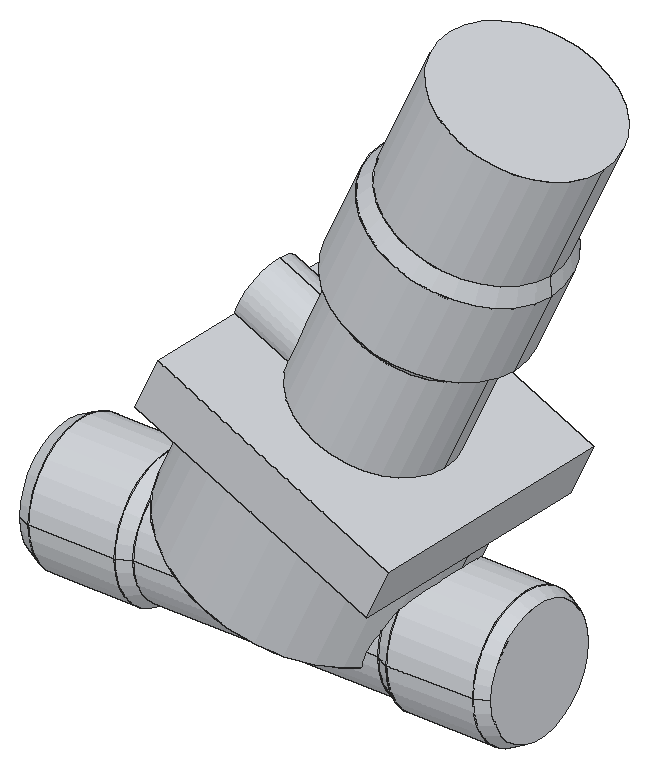
Revit family "OPTIMA_Compact_P_MM_DN20_2,5_RFA_2018", category Pipe Accessories, Revit 2018
Family settings
  Round Connector Dimension = Use Diameter
  Part Type = Valve - Breaks Into
  Work Plane-Based = No
  Always vertical = Yes
  Cut with Voids When Loaded = No
  Shared = No
Parameters (values of type "OPTIMA Compact P DN20 M-M 2.5mm")
  magiProductId = "9b3b796f370b421c8a31739fcad6d9"
  magiProductFamilyId = "5ce2593e541b4756b7958a6220b877"
  magiPartTypeId = 304
  isMeasuringValve [instance] = no
  ang2D [instance] = 0.00°
  Z6 = 5 mm
  Z5 = 91 mm
  Z4 = 18.303 mm
  Z3 = 13 mm
  Z2 = 8.022 mm
  Z1 = 16.845 mm
  X2 = 12.8 mm
  X1 = 16.8 mm
  W2D = 20 mm
  VersionID = "2.0/2019.5.23.1/FRESE_OPTIMA-P_201"
  VIS0 = no
  Use Minimum Symbol Size [instance] = no
  URL = "www.hydronic.cz"
  Type Comments = "vnější závit; PN25; 0~120°C, dpmax=800kPa; bez měřicích vsuvek"
  TLT2 = 35 mm
  TL = 70 mm
  R7 = 5 mm
  R5 = 13.794 mm
  R4 = 12.54 mm
  R3 = 11.4 mm
  R2__ve = -R2  # -19 mm
  R2 = 19 mm
  R1 = 9 mm
  QmdConnectorList = "301;D;302;D"
  Productdata [instance] = ""
  Manufacturer = "Hydronic Systems Prague s.r.o."
  MC Product Code = "53-4103  (3/4\" M-M; 2.5mm; Qmin~Qmax při dps=5kPa = 93~482 l/h; Qmin~Qmax při dps=10kPa = 73~378 l/h; kvs=1,3)"
  MC Piping Given Pressure Drop [instance] = 0.0 Pa
  MC Enable LOD 350 = no
  MC Enable LOD 200 = no
  MC Constant Outlet Pressure [instance] = 0.0 Pa
  LLDONLY = not(BBVIS)  # yes
  LLDAndHLD = and(or(LLDONLY, MC Enable LOD 350), not(BBVIS))  # yes
  L4 = 13.435 mm
  L3 = 19 mm
  L2D_Min = 30.48 mm
  L2D = 36.4 mm
  L2 = 44.42 mm
  L = 36.4 mm
  HH = 80.215 mm
  H = 83 mm
  ENBL350 = and(MC Enable LOD 350, not(BBVIS))  # no
  Description = "Armatura pro regulaci průtoku, omezení průtoku a stabilizaci tlakové diference"
  DT2 = 10 mm
  D = 20 mm
  CAT = no
  BBVIS = MC Enable LOD 200  # no
Types (4, lengths in mm): name | magiProductId | Z5 | X2 | X1 | W2D | TLT2 | TL | R1 | MC Product Code | L2D | L | DT2 | D
  OPTIMA Compact P DN15 M-M 2.5mm | "e2c6e2867cb04e20b310fc655d8e25" | 88.5 | 10.5 | 14.5 | 15 | 32.5 | 65 | 6.75 | "53-4100  (1/2\" M-M; 2.5mm; Qmin~Qmax při dps=5kPa = 93~482 l/h; Qmin~Qmax při dps=10kPa = 73~378 l/h; kvs=1,3)" | 36 | 36 | 7.5 | 15
  OPTIMA Compact P DN15 M-M 5.0mm | "de010cba6d924babace2e100200bd1" | 88.5 | 10.5 | 14.5 | 15 | 32.5 | 65 | 6.75 | "53-4102  (1/2\" M-M; 5.0mm; Qmin~Qmax při dps=5kPa = 198~1032 l/h; Qmin~Qmax při dps=10kPa = 156~809 l/h; kvs=2,7)" | 36 | 36 | 7.5 | 15
  OPTIMA Compact P DN20 M-M 2.5mm | "9b3b796f370b421c8a31739fcad6d9" | 91 | 12.8 | 16.8 | 20 | 35 | 70 | 9 | "53-4103  (3/4\" M-M; 2.5mm; Qmin~Qmax při dps=5kPa = 93~482 l/h; Qmin~Qmax při dps=10kPa = 73~378 l/h; kvs=1,3)" | 36.4 | 36.4 | 10 | 20
  OPTIMA Compact P DN20 M-M 5.0mm | "2f6d325ab3f64974a2f7ca30c30193" | 91 | 12.8 | 16.8 | 20 | 35 | 70 | 9 | "53-4105  (3/4\" M-M; 5.0mm; Qmin~Qmax při dps=5kPa = 198~1032 l/h; Qmin~Qmax při dps=10kPa = 156~809 l/h; kvs=2,7)" | 36.4 | 36.4 | 10 | 20
Reference planes
  plane 1 "Center (Front/Back)": y = 0
  plane 2 "XYPLANE": z = 0
  plane 3 "Center (Left/Right)": x = 0
  plane 4 "100": y = -19
  plane 5 "99": y = 19
  plane 6 "98": x = 44.42
  plane 7 "94": through (-654.382, 0, 375.613) normal (0.4226, 0, 0.9063)
  plane 8 "92": through (-655.439, 0, 373.347) normal (0.4226, 0, 0.9063)
  plane 9 "86": z = -10
  plane 10 "76": through (305.901, 0, 683.957) normal (0.9063, 0, -0.4226)
  plane 11 "60": through (-660.933, 0, 361.565) normal (0.4226, 0, 0.9063)
  plane 12 "57": through (-661.99, 0, 359.299) normal (0.4226, 0, 0.9063)
  plane 13 "55": through (-669.109, 0, 344.032) normal (0.4226, 0, 0.9063)
  plane 14 "52": through (-668.263, 0, 345.845) normal (0.4226, 0, 0.9063)
  plane 15 "48": through (-672.499, 0, 336.762) normal (0.4226, 0, 0.9063)
  plane 16 "47": y = -19
  plane 17 "46": y = 19
  plane 18 "45": through (332.184, 0, 671.701) normal (0.9063, 0, -0.4226)
  plane 19 "44": through (297.744, 0, 687.761) normal (0.9063, 0, -0.4226)
  plane 20 "40": through (-682.576, 0, 315.151) normal (0.4226, 0, 0.9063)
  plane 21 "38": through (-679.618, 0, 321.495) normal (0.4226, 0, 0.9063)
  plane 22 "37": y = 0
  plane 23 "36": through (314.964, 0, 679.731) normal (0.9063, 0, -0.4226)
  plane 24 "32": x = 33
  plane 25 "31": x = 20.2
  plane 26 "30": x = 18.2
  plane 27 "19": x = -18.2
  plane 28 "18": x = -20.2
  plane 29 "12": x = -33
  plane 30 "6": x = 35
  plane 31 "5": x = -35
  plane 32 "3": z = 0
  plane 33 "2": y = 0
  plane 34 "33XY": through (-681.731, 0, 316.964) normal (0.4226, 0, 0.9063)
  plane 35 "33XZ": y = 0
  plane 36 "33YZ": through (314.964, 0, 679.731) normal (0.9063, 0, -0.4226)
Forms (mm)
  Extrusion 1, solid, visible <- "BBVIS"
    sketch origin (-750, 0, -10) x (1, 0, 0) y (0, 1, 0)
      loop
        line (715, 19) -> (715, -19) -> (794.42, -19) -> (794.42, 19) -> (715, 19)
    from 0 to 91 <- "Z5"
  Extrusion 2, solid, visible <- "LLDAndHLD"
    sketch origin (-654.382, 0, 375.613) x (0.906308, 0, -0.422618) y (0, 1, 0)
      loop
        circle (750, 0) r 12.54
    from 0 to 18.303 <- "Z4"
  Blend 3, solid, visible <- "LLDAndHLD"
    base sketch origin (-655.439, 0, 373.347) x (0.906308, 0, -0.422618) y (0, 1, 0)
      loop
        circle (750, 0) r 13.794
    top sketch origin (-655.439, 0, 373.347) x (0.906308, 0, -0.422618) y (0, 1, 0)
      loop
        circle (750, 0) r 12.54
    from 0 to 2.5
  Extrusion 4, solid, visible <- "LLDAndHLD"
    sketch origin (-660.933, 0, 361.565) x (0.906308, 0, -0.422618) y (0, 1, 0)
      loop
        circle (750, 0) r 13.794
    from 0 to 13 <- "Z3"
  Blend 5, solid, visible <- "LLDAndHLD"
    base sketch origin (-661.99, 0, 359.299) x (0.906308, 0, -0.422618) y (0, 1, 0)
      loop
        circle (750, 0) r 11.4
    top sketch origin (-661.99, 0, 359.299) x (0.906308, 0, -0.422618) y (0, 1, 0)
      loop
        circle (750, 0) r 12.54
    from 0 to 2.5
  Extrusion 6, solid, visible <- "LLDAndHLD"
    sketch origin (-669.109, 0, 344.032) x (0.906308, 0, -0.422618) y (0, 1, 0)
      loop
        circle (750, 0) r 11.4
    from 0 to 16.845 <- "Z1"
  Extrusion 7, solid, visible <- "LLDAndHLD"
    sketch origin (314.964, 0, 679.731) x (-0.422618, 0, -0.906308) y (0, 1, 0)
      loop
        circle (718.133, 0) r 5
    from 0 to -19 <- "R2__ve"
  Extrusion 8, solid, visible <- "LLDAndHLD"
    sketch origin (-672.499, 0, 336.762) x (0.906308, 0, -0.422618) y (0, 1, 0)
      loop
        line (731, 19) -> (731, -19) -> (769, -19) -> (769, 19) -> (731, 19)
    from 0 to 8.022 <- "Z2"
  Blend 9, solid, visible <- "LLDAndHLD"
    base sketch origin (-682.576, 0, 315.151) x (0.906308, 0, -0.422618) y (0, 1, 0)
      loop
        circle (740, 0) r 9
    top sketch origin (-682.576, 0, 315.151) x (0.906308, 0, -0.422618) y (0, 1, 0)
      loop
        circle (750, 0) r 19
    from 0 to 7
  Extrusion 10, solid, visible <- "LLDAndHLD"
    sketch origin (-679.618, 0, 321.495) x (0.906308, 0, -0.422618) y (0, 1, 0)
      loop
        circle (750, 0) r 19
    from 0 to 16.845 <- "Z1"
  Extrusion 11, solid, visible <- "LLDAndHLD"
    sketch origin (-18.2, -750, 0) x (0, 1, 0) y (0, 0, 1)
      loop
        circle (750, 0) r 9
    from 0 to 36.4 <- "L"
  Blend 12, solid, visible <- "LLDAndHLD"
    base sketch origin (18.2, -750, 0) x (0, 1, 0) y (0, 0, 1)
      loop
        circle (750, 0) r 9
    top sketch origin (18.2, -750, 0) x (0, 1, 0) y (0, 0, 1)
      loop
        circle (750, 0) r 10
    from 0 to 2
  Extrusion 13, solid, visible <- "LLDAndHLD"
    sketch origin (20.2, -750, 0) x (0, 1, 0) y (0, 0, 1)
      loop
        circle (750, 0) r 10
    from 0 to 12.8 <- "X2"
  Blend 14, solid, visible <- "LLDAndHLD"
    base sketch origin (35, -750, 0) x (0, 1, 0) y (0, 0, 1)
      loop
        circle (750, 0) r 9
    top sketch origin (35, -750, 0) x (0, 1, 0) y (0, 0, 1)
      loop
        circle (750, 0) r 10
    from 0 to -2
  Blend 15, solid, visible <- "LLDAndHLD"
    base sketch origin (-18.2, -750, 0) x (0, 1, 0) y (0, 0, 1)
      loop
        circle (750, 0) r 9
    top sketch origin (-18.2, -750, 0) x (0, 1, 0) y (0, 0, 1)
      loop
        circle (750, 0) r 10
    from 0 to -2
  Extrusion 16, solid, visible <- "LLDAndHLD"
    sketch origin (-33, -750, 0) x (0, 1, 0) y (0, 0, 1)
      loop
        circle (750, 0) r 10
    from 0 to 12.8 <- "X2"
  Blend 17, solid, visible <- "LLDAndHLD"
    base sketch origin (-35, -750, 0) x (0, 1, 0) y (0, 0, 1)
      loop
        circle (750, 0) r 9
    top sketch origin (-35, -750, 0) x (0, 1, 0) y (0, 0, 1)
      loop
        circle (750, 0) r 10
    from 0 to 2
  Extrusion 18, solid, not visible
    sketch origin (18.2, -750, 0) x (0, 1, 0) y (0, 0, 1)
      loop
        circle (750, 0) r 10
    from 0 to -10
  Extrusion 19, solid, not visible
    sketch origin (-18.2, -750, 0) x (0, 1, 0) y (0, 0, 1)
      loop
        circle (750, 0) r 10
    from 0 to 10
Lines and regions (mm)
  reference lines, not visible
    curve 1: circle (2, 2, 0) r 1 normal (0, 0, 1)
Dimensions and locks
  plane 1 "Center (Front/Back)" to curve 1 = 2 mm
  "R2": plane 1 "Center (Front/Back)" to plane 4 "100"
  "R2": plane 1 "Center (Front/Back)" to plane 5 "99"
  "L2": plane 3 "Center (Left/Right)" to plane 6 "98"
  locked: plane 8 "92" to plane 7 "94" at 2.5
  "Z3": plane 11 "60" to plane 8 "92"
  "DT2": plane 2 "XYPLANE" to plane 9 "86"
  locked: plane 36 "33YZ" to plane 10 "76" at 10
  locked: plane 12 "57" to plane 11 "60" at 2.5
  "Z1": plane 13 "55" to plane 12 "57"
  "Z2": plane 15 "48" to plane 13 "55"
  locked: plane 13 "55" to plane 14 "52" at 2
  "Z1": plane 21 "38" to plane 15 "48"
  "R2": plane 35 "33XZ" to plane 16 "47"
  "R2": plane 35 "33XZ" to plane 17 "46"
  "R2": plane 36 "33YZ" to plane 18 "45"
  "R2": plane 36 "33YZ" to plane 19 "44"
  locked: plane 34 "33XY" to plane 20 "40" at 2
  locked: plane 34 "33XY" to plane 21 "38" at 5
  locked: plane 35 "33XZ" to plane 22 "37"
  locked: plane 36 "33YZ" to plane 23 "36"
  "X2": plane 25 "31" to plane 24 "32"
  locked: plane 26 "30" to plane 25 "31" at 2
  "L": plane 27 "19" to plane 26 "30"
  locked: plane 28 "18" to plane 27 "19" at 2
  "X2": plane 29 "12" to plane 28 "18"
  locked: plane 31 "5" to plane 29 "12" at 2
  locked: plane 24 "32" to plane 30 "6" at 2
  "TLT2": plane 3 "Center (Left/Right)" to plane 31 "5"
  locked: plane 2 "XYPLANE" to plane 32 "3"
  locked: plane 1 "Center (Front/Back)" to plane 33 "2"
  Extrusion 1 sketch curve to Extrusion 1 sketch curve = 0 mm  (x8)
  Extrusion 8 sketch curve to Extrusion 8 sketch curve = 0 mm  (x8)
  "R4": radius of Extrusion 2 sketch curve
  "R4": radius of Blend 3 sketch curve
  "R5": radius of Blend 3 sketch curve
  "R5": radius of Extrusion 4 sketch curve
  "R4": radius of Blend 5 sketch curve
  "R3": radius of Blend 5 sketch curve
  "R3": radius of Extrusion 6 sketch curve
  "R7": radius of Extrusion 7 sketch curve
  "R2": radius of Blend 9 sketch curve
  "R1": radius of Blend 9 sketch curve
  "R2": radius of Extrusion 10 sketch curve
  "R1": radius of Extrusion 11 sketch curve
  "DT2": radius of Blend 12 sketch curve
  "R1": radius of Blend 12 sketch curve
  "DT2": radius of Extrusion 13 sketch curve
  "DT2": radius of Blend 14 sketch curve
  "R1": radius of Blend 14 sketch curve
  "DT2": radius of Blend 15 sketch curve
  "R1": radius of Blend 15 sketch curve
  "DT2": radius of Extrusion 16 sketch curve
  "DT2": radius of Blend 17 sketch curve
  "R1": radius of Blend 17 sketch curve
  aligned and locked: level to plane 2 "XYPLANE"
  aligned and locked: Extrusion 1 sketch curve to plane 31 "5"
  aligned and locked: plane 5 "99" to Extrusion 1 sketch curve  (x2)
  aligned and locked: plane 4 "100" to Extrusion 1 sketch curve  (x2)
  aligned and locked: plane 31 "5" to Extrusion 1 sketch curve
  aligned and locked: plane 6 "98" to Extrusion 1 sketch curve  (x2)
  aligned and locked: plane 22 "37" to Extrusion 2 sketch curve
  aligned and locked: Extrusion 2 sketch curve to plane 23 "36"
  aligned and locked: plane 22 "37" to Blend 3 sketch curve  (x2)
  aligned and locked: Blend 3 sketch curve to plane 23 "36"  (x2)
  aligned and locked: plane 7 "94" to Blend 3
  aligned and locked: plane 22 "37" to Extrusion 4 sketch curve
  aligned and locked: Extrusion 4 sketch curve to plane 23 "36"
  aligned and locked: plane 22 "37" to Blend 5 sketch curve  (x2)
  aligned and locked: Blend 5 sketch curve to plane 23 "36"  (x2)
  aligned and locked: plane 11 "60" to Blend 5
  aligned and locked: plane 22 "37" to Extrusion 6 sketch curve
  aligned and locked: Extrusion 6 sketch curve to plane 23 "36"
  aligned and locked: plane 14 "52" to Extrusion 7 sketch curve
  aligned and locked: plane 22 "37" to Extrusion 7 sketch curve
  aligned and locked: Extrusion 8 sketch curve to plane 19 "44"  (x2)
  aligned and locked: plane 17 "46" to Extrusion 8 sketch curve  (x2)
  aligned and locked: Extrusion 8 sketch curve to plane 16 "47"
  aligned and locked: Extrusion 8 sketch curve to plane 18 "45"
  aligned and locked: plane 16 "47" to Extrusion 8 sketch curve
  aligned and locked: plane 18 "45" to Extrusion 8 sketch curve
  aligned and locked: plane 22 "37" to Blend 9 sketch curve  (x2)
  aligned and locked: Blend 9 sketch curve to plane 23 "36"
  aligned and locked: Blend 9 sketch curve to plane 10 "76"
  aligned and locked: plane 21 "38" to Blend 9
  aligned and locked: plane 22 "37" to Extrusion 10 sketch curve
  aligned and locked: Extrusion 10 sketch curve to plane 23 "36"
  aligned and locked: plane 32 "3" to Extrusion 11 sketch curve
  aligned and locked: Extrusion 11 sketch curve to plane 33 "2"
  aligned and locked: plane 32 "3" to Blend 12 sketch curve  (x2)
  aligned and locked: Blend 12 sketch curve to plane 33 "2"  (x2)
  aligned and locked: plane 25 "31" to Blend 12
  aligned and locked: plane 32 "3" to Extrusion 13 sketch curve
  aligned and locked: Extrusion 13 sketch curve to plane 33 "2"
  aligned and locked: plane 32 "3" to Blend 14 sketch curve  (x2)
  aligned and locked: Blend 14 sketch curve to plane 33 "2"  (x2)
  aligned and locked: Blend 14 to plane 24 "32"
  aligned and locked: plane 32 "3" to Blend 15 sketch curve  (x2)
  aligned and locked: Blend 15 sketch curve to plane 33 "2"  (x2)
  aligned and locked: Blend 15 to plane 28 "18"
  aligned and locked: plane 32 "3" to Extrusion 16 sketch curve
  aligned and locked: Extrusion 16 sketch curve to plane 33 "2"
  aligned and locked: plane 32 "3" to Blend 17 sketch curve  (x2)
  aligned and locked: Blend 17 sketch curve to plane 33 "2"  (x2)
  aligned and locked: plane 29 "12" to Blend 17
  aligned and locked: plane 32 "3" to Extrusion 18 sketch curve
  aligned and locked: Extrusion 18 sketch curve to plane 33 "2"
  aligned and locked: plane 32 "3" to Extrusion 19 sketch curve
  aligned and locked: Extrusion 19 sketch curve to plane 33 "2"
Automatic sketch dimensions
  plane 4 "100" to Extrusion 18 sketch curve = 9 mm
  plane 4 "100" to Extrusion 19 sketch curve = 9 mm
  plane 3 "Center (Left/Right)" to curve 1 = 2 mm
  radius of curve 1 = 1 mm
Nested families
  nested 1: "1_RadialArray" at (10.622, 0, 27.068) x (0.6409, 0.7071, -0.2988) z (0.4226, 0, 0.9063), L1 <- "L3", type "Family2"
    with StartAngle 0.00°, NumberOfObjects 4, ModelLinesVisible no, L1 19 mm, H 5 mm, DN 10 mm, ArcAngle 360.00°
Connectors
  piping at (-18.2, 0, 0), diameter 20, driven by "D"
    settings: on Extrusion 19, index 1, connector inside diameter 609.6 mm, connector length 0 mm, flow factor 0, pipe flow 0.0 L/s, pressure drop 0.0 Pa, fitting loss kfactor 0, connector angle 0.00°, fixture units 0, engagement length 0 mm, angle of deflection 0.00°, flow configuration 0, flow direction 0, fitting loss method 0, system type 29, joint type 0, gender type 0, connector reference index 2, connector utility 0, adjustable connector no, is connector primary yes, connector description ""
  piping at (18.2, 0, 0), diameter 20, driven by "D"
    settings: on Extrusion 18, index 2, connector inside diameter 609.6 mm, connector length 0 mm, flow factor 0, pipe flow 0.0 L/s, pressure drop 0.0 Pa, fitting loss kfactor 0, connector angle 0.00°, fixture units 0, engagement length 0 mm, angle of deflection 0.00°, flow configuration 0, flow direction 0, fitting loss method 0, system type 29, joint type 0, gender type 0, connector reference index 1, connector utility 0, adjustable connector no, is connector primary no, connector description ""
